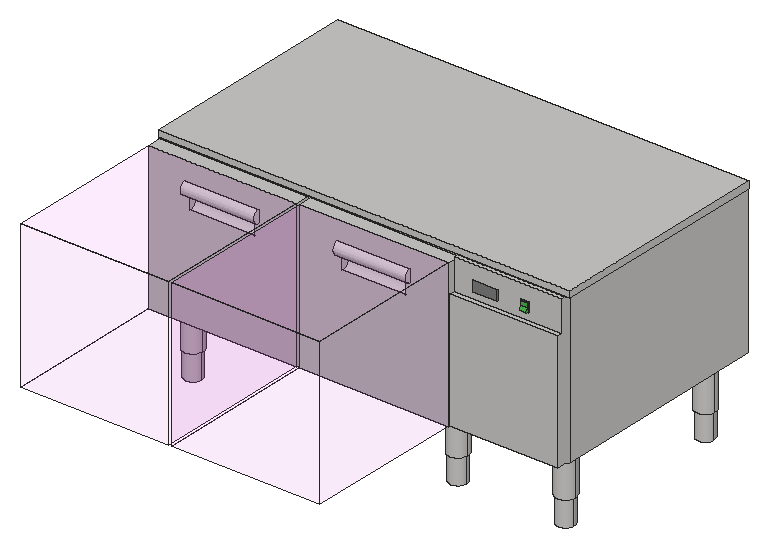
Revit family "QF_ZANUSSI_372294_Z7TTEECOMIN", category Specialty Equipment, Revit 2021
Family settings
  Round Connector Dimension = Use Diameter
  Part Type = Normal
  Work Plane-Based = No
  Always vertical = Yes
  Cut with Voids When Loaded = No
  Shared = No
  Room Calculation Point = No
Parameters (values of type "Standard")
  Weight = 95.00 kg
  Watts = 0 W
  Volts = 220 V
  URL Manufacturer = "http://www.zanussiprofessional.com"
  URL = "http://www.zanussiprofessional.com"
  Steam Supply Size = 0 mm
  Steam Supply Minimum Pressure = 0.0 Pa
  Steam Supply Maximum Pressure = 0.0 Pa
  Steam Pounds per Hour = 0
  Show Clearance [instance] = yes
  Refrigeration Suction Line Size = 0 mm
  Refrigeration Liquid Line Size = 0 mm
  Refrigerant Compressor Remote = yes
  Manufacturer = "Zanussi"
  Phase = 1
  Model = "Z7TTEECOMIN"
  Length Actual = 1200 mm
  Item Number = "372294"
  Hot Water Size = 0 mm
  Height Actual = 600 mm
  HP = "0.7 HP"
  Gas Size = 0 mm
  Gas KW = 0
  Gas Input Pressure = 0 W
  Direct Waste Size = 0 mm
  Description = "FREEZER BASE +2 DRAWERS -15°-20°C 1200MM - R290"
  Depth Actual = 700 mm
  Default Elevation = 0 mm
  Cycle = 50 Hz
  Condensate Return Size = 0 mm
  Compressed Air Volume = 0.0 L/s
  Compressed Air Size = 0 mm
  Compressed Air Pressure = 0.0 Pa
  Cold Water Size = 0 mm
  Accessory = no
Reference planes
  plane 1 "Center X": y = -65.55
  plane 2: z = 0
  plane 3 "Centro (Sinistra/Destra)": x = 0
  plane 4: y = -315.05
  plane 5: y = 194.95
  plane 6 "BACK": y = 282.95
  plane 7 "FRONT": y = -414.05
  plane 8: y = -881.83
  plane 9: x = -544
  plane 10: x = 544
  plane 11: y = -369.551
  plane 12: x = 230
  plane 13: z = 200
  plane 14 "TOP": z = 630
  plane 15 "LEFT": x = -600
  plane 16 "RIGHT": x = 600
Forms (mm)
  Extrusion 1, solid, material "QF_Finishes_Stainless Steel"
    sketch origin (-1022.223, -1524, 200) x (-1, 0, 0) y (0, -1, 0)
      loop
        line (-423.223, -1806.95) -> (-423.223, -1154.449) -> (-1621.223, -1154.449) -> (-1621.223, -1806.95) -> (-423.223, -1806.95)
    from 0 to 430
  Extrusion 2, solid, material "QF_Finishes_Stainless Steel"
    sketch origin (599, 0, 0) x (0, 1, 0) y (0, 0, 1)
      loop
        line (-369.551, 629.527) -> (-386.314, 640.994) -> (-397.65, 640.994) -> (-397.65, 549.796) -> (-414.05, 549.796) -> (-414.05, 204.796) -> (-384.714, 204.796) -> (-374.993, 200) -> (-369.551, 200) -> (-369.551, 629.527)
    from 0 to -313
  Extrusion 3, solid, material "QF_Finishes_Black"
    sketch origin (567.8, -397.65, 630.994) x (0, 0, -1) y (1, 0, 0)
      loop
        line (32.198, -86.899) -> (61.199, -86.899) -> (61.199, -64.9) -> (32.198, -64.9) -> (32.198, -86.899)
    from 0 to 1.6
  Extrusion 4, solid, material "QF_Finishes_Grey"
    sketch origin (589, -397.65, 630.994) x (0, 0, -1) y (1, 0, 0)
      loop
        line (32.198, -248.099) -> (61.199, -248.099) -> (61.199, -178.099) -> (32.198, -178.099) -> (32.198, -248.099)
    from 0 to 1.6
  Extrusion 5, solid, material "QF_Finishes_Green"
    sketch origin (502.9, -397.65, 598.796) x (0, 0, -1) y (0, 1, 0)
      loop
        line (2.279, -3.281) -> (14.5, -3.281) -> (25.308, -8.985)
        arc (25.308, -8.985) -> (26.537, -5.394) -> (26.605, -1.6) r 12.221
        line (26.605, -1.6) -> (2.395, -1.6)
        arc (2.395, -1.6) -> (2.308, -2.439) -> (2.279, -3.281) r 12.221
    from -20 to -2
  Extrusion 6, solid, material "QF_Finishes_Stainless Steel"
    sketch origin (-1022.223, -1524, 200) x (-1, 0, 0) y (0, -1, 0)
      loop
        circle (-1581.223, -1646.95) r 12
    from -10 to 0
  Extrusion 7, solid, material "QF_Finishes_Stainless Steel"
    sketch origin (-599, 0, -5) x (0, 1, 0) y (0, 0, 1)
      loop
        line (-369.551, 635) -> (282.95, 635) -> (282.95, 655) -> (-369.551, 655) -> (-369.551, 635)
    from 1198 to 0
  Extrusion 8, solid, material "QF_Finishes_Handrails and Railings"
    sketch origin (-394.028, -157.946, 1924.198) x (0, 0.885087, 0.465426) y (0, -0.465426, 0.885087)
      loop
        arc (-854.629, -1074.965) -> (-878.641, -1082.427) -> (-871.18, -1106.439) r 17.78
        line (-871.18, -1106.439) -> (-854.629, -1074.965)
    from -93.472 to 121.528
  Extrusion 9, solid, material "QF_Finishes_Stainless Steel"
    sketch origin (-594.053, 285.95, 14.715) x (0, 1, 0) y (0, 0, 1)
      loop
        line (-700, 486.991) -> (-660.001, 486.991) -> (-660.001, 530.285) -> (-678.147, 530.285) -> (-678.147, 511.464)
        arc (-678.147, 511.464) -> (-684.405, 495.059) -> (-700, 486.991) r 24.63
    from 118.753 to 309.354
  Extrusion 10, solid, material "QF_Finishes_Handrails and Railings"
    sketch origin (47.972, -157.946, 1924.198) x (0, 0.885087, 0.465426) y (0, -0.465426, 0.885087)
      loop
        arc (-854.629, -1074.965) -> (-878.641, -1082.427) -> (-871.18, -1106.439) r 17.78
        line (-871.18, -1106.439) -> (-854.629, -1074.965)
    from -89.472 to 121.528
  Extrusion 11, solid, material "QF_Finishes_Stainless Steel"
    sketch origin (-152.053, 285.95, 14.715) x (0, 1, 0) y (0, 0, 1)
      loop
        line (-700, 486.991) -> (-660.001, 486.991) -> (-660.001, 530.285) -> (-678.147, 530.285) -> (-678.147, 511.464)
        arc (-678.147, 511.464) -> (-684.405, 495.059) -> (-700, 486.991) r 24.63
    from 122.753 to 309.354
  Extrusion 12, solid, material "QF_Door-Drawer Clearances", visible <- "Show Clearance"
    sketch origin (200, -414.05, 0) x (1, 0, 0) y (0, 0, 1)
      loop
        line (-795, 629.2) -> (-795, 201.587) -> (-360.999, 201.587) -> (-360.999, 629.2) -> (-795, 629.2)
      loop
        line (-353, 629.2) -> (-353, 201.587) -> (81, 201.587) -> (81, 629.2) -> (-353, 629.2)
    from 0 to 467.78
  Extrusion 13, solid, material "QF_Finishes_Stainless Steel"
    sketch origin (0, -414.05, 0) x (-1, 0, 0) y (0, 0, 1)
      loop
        line (595, 629.2) -> (160.999, 629.2) -> (160.999, 201.587) -> (595, 201.587) -> (595, 629.2)
      loop
        line (153, 629.2) -> (-281, 629.2) -> (-281, 201.587) -> (153, 201.587) -> (153, 629.2)
      loop
        line (475.3, 501.706) -> (475.3, 545) -> (284.699, 545) -> (284.699, 501.706) -> (475.3, 501.706)
      loop
        line (29.3, 501.706) -> (29.3, 545) -> (-157.301, 545) -> (-157.301, 501.706) -> (29.3, 501.706)
    from 0 to 40
Lines and regions (mm)
  Split face 1
    outline origin (589, -399.25, 630.994) x (0, 0, -1) y (1, 0, 0)
      loop
        line (37.198, -238.099) -> (52.198, -238.099) -> (52.198, -188.099) -> (37.198, -188.099) -> (37.198, -238.099)
  Split face 2
    outline origin (589, -399.25, 630.994) x (0, 0, -1) y (1, 0, 0)
      loop
        line (59.151, -238.099) -> (59.151, -227.099) -> (54.151, -227.099) -> (54.151, -238.099) -> (59.151, -238.099)
  Split face 3
    outline origin (589, -399.25, 630.994) x (0, 0, -1) y (1, 0, 0)
      loop
        line (54.151, -225.099) -> (59.151, -225.099) -> (59.151, -214.099) -> (54.151, -214.099) -> (54.151, -225.099)
  Split face 4
    outline origin (602, -399.25, 630.994) x (0, 0, -1) y (1, 0, 0)
      loop
        line (54.151, -225.099) -> (59.151, -225.099) -> (59.151, -214.099) -> (54.151, -214.099) -> (54.151, -225.099)
  Split face 5
    outline origin (615, -399.25, 630.994) x (0, 0, -1) y (1, 0, 0)
      loop
        line (54.151, -225.099) -> (59.151, -225.099) -> (59.151, -214.099) -> (54.151, -214.099) -> (54.151, -225.099)
  Split face 6
    outline origin (296, -414.05, 713.499) x (1, 0, 0) y (0, 0, 1)
      loop
        arc (52.48, -282.599) -> (56.5, -278.61) -> (52.5, -274.599) r 4
        line (52.5, -274.599) -> (20.5, -274.599)
        arc (20.5, -274.599) -> (16.5, -278.61) -> (20.521, -282.599) r 4
        line (20.521, -282.599) -> (52.48, -282.599)
  Split face 7
    outline origin (296, -414.05, 725.499) x (1, 0, 0) y (0, 0, 1)
      loop
        arc (52.48, -282.599) -> (56.5, -278.61) -> (52.5, -274.599) r 4
        line (52.5, -274.599) -> (20.5, -274.599)
        arc (20.5, -274.599) -> (16.5, -278.61) -> (20.521, -282.599) r 4
        line (20.521, -282.599) -> (52.48, -282.599)
  Split face 8
    outline origin (296, -414.05, 737.499) x (1, 0, 0) y (0, 0, 1)
      loop
        arc (52.48, -282.599) -> (56.5, -278.61) -> (52.5, -274.599) r 4
        line (52.5, -274.599) -> (20.5, -274.599)
        arc (20.5, -274.599) -> (16.5, -278.61) -> (20.521, -282.599) r 4
        line (20.521, -282.599) -> (52.48, -282.599)
  Split face 9
    outline origin (296, -414.05, 749.396) x (1, 0, 0) y (0, 0, 1)
      loop
        arc (52.48, -282.599) -> (56.5, -278.61) -> (52.5, -274.599) r 4
        line (52.5, -274.599) -> (20.5, -274.599)
        arc (20.5, -274.599) -> (16.5, -278.61) -> (20.521, -282.599) r 4
        line (20.521, -282.599) -> (52.48, -282.599)
  Split face 10
    outline origin (296, -414.05, 761.395) x (1, 0, 0) y (0, 0, 1)
      loop
        arc (52.48, -282.599) -> (56.5, -278.61) -> (52.5, -274.599) r 4
        line (52.5, -274.599) -> (20.5, -274.599)
        arc (20.5, -274.599) -> (16.5, -278.61) -> (20.521, -282.599) r 4
        line (20.521, -282.599) -> (52.48, -282.599)
  Split face 11
    outline origin (296, -414.05, 773.395) x (1, 0, 0) y (0, 0, 1)
      loop
        arc (52.48, -282.599) -> (56.5, -278.61) -> (52.5, -274.599) r 4
        line (52.5, -274.599) -> (20.5, -274.599)
        arc (20.5, -274.599) -> (16.5, -278.61) -> (20.521, -282.599) r 4
        line (20.521, -282.599) -> (52.48, -282.599)
  Split face 12
    outline origin (296, -414.05, 785.395) x (1, 0, 0) y (0, 0, 1)
      loop
        arc (52.48, -282.599) -> (56.5, -278.61) -> (52.5, -274.599) r 4
        line (52.5, -274.599) -> (20.5, -274.599)
        arc (20.5, -274.599) -> (16.5, -278.61) -> (20.521, -282.599) r 4
        line (20.521, -282.599) -> (52.48, -282.599)
  Split face 13
    outline origin (296, -414.05, 797.395) x (1, 0, 0) y (0, 0, 1)
      loop
        arc (52.48, -282.599) -> (56.5, -278.61) -> (52.5, -274.599) r 4
        line (52.5, -274.599) -> (20.5, -274.599)
        arc (20.5, -274.599) -> (16.5, -278.61) -> (20.521, -282.599) r 4
        line (20.521, -282.599) -> (52.48, -282.599)
  Split face 14
    outline origin (296, -414.05, 809.395) x (1, 0, 0) y (0, 0, 1)
      loop
        arc (52.48, -282.599) -> (56.5, -278.61) -> (52.5, -274.599) r 4
        line (52.5, -274.599) -> (20.5, -274.599)
        arc (20.5, -274.599) -> (16.5, -278.61) -> (20.521, -282.599) r 4
        line (20.521, -282.599) -> (52.48, -282.599)
  Split face 15
    outline origin (296, -414.05, 701.499) x (1, 0, 0) y (0, 0, 1)
      loop
        arc (52.48, -282.599) -> (56.5, -278.61) -> (52.5, -274.599) r 4
        line (52.5, -274.599) -> (20.5, -274.599)
        arc (20.5, -274.599) -> (16.5, -278.61) -> (20.521, -282.599) r 4
        line (20.521, -282.599) -> (52.48, -282.599)
  Split face 16
    outline origin (296, -414.05, 605.603) x (1, 0, 0) y (0, 0, 1)
      loop
        arc (52.48, -282.599) -> (56.5, -278.61) -> (52.5, -274.599) r 4
        line (52.5, -274.599) -> (20.5, -274.599)
        arc (20.5, -274.599) -> (16.5, -278.61) -> (20.521, -282.599) r 4
        line (20.521, -282.599) -> (52.48, -282.599)
  Split face 17
    outline origin (296, -414.05, 617.603) x (1, 0, 0) y (0, 0, 1)
      loop
        arc (52.48, -282.599) -> (56.5, -278.61) -> (52.5, -274.599) r 4
        line (52.5, -274.599) -> (20.5, -274.599)
        arc (20.5, -274.599) -> (16.5, -278.61) -> (20.521, -282.599) r 4
        line (20.521, -282.599) -> (52.48, -282.599)
  Split face 18
    outline origin (296, -414.05, 629.602) x (1, 0, 0) y (0, 0, 1)
      loop
        arc (52.48, -282.599) -> (56.5, -278.61) -> (52.5, -274.599) r 4
        line (52.5, -274.599) -> (20.5, -274.599)
        arc (20.5, -274.599) -> (16.5, -278.61) -> (20.521, -282.599) r 4
        line (20.521, -282.599) -> (52.48, -282.599)
  Split face 19
    outline origin (296, -414.05, 677.499) x (1, 0, 0) y (0, 0, 1)
      loop
        arc (52.48, -282.599) -> (56.5, -278.61) -> (52.5, -274.599) r 4
        line (52.5, -274.599) -> (20.5, -274.599)
        arc (20.5, -274.599) -> (16.5, -278.61) -> (20.521, -282.599) r 4
        line (20.521, -282.599) -> (52.48, -282.599)
  Split face 20
    outline origin (296, -414.05, 689.499) x (1, 0, 0) y (0, 0, 1)
      loop
        arc (52.48, -282.599) -> (56.5, -278.61) -> (52.5, -274.599) r 4
        line (52.5, -274.599) -> (20.5, -274.599)
        arc (20.5, -274.599) -> (16.5, -278.61) -> (20.521, -282.599) r 4
        line (20.521, -282.599) -> (52.48, -282.599)
  Split face 21
    outline origin (296, -414.05, 593.603) x (1, 0, 0) y (0, 0, 1)
      loop
        arc (52.48, -282.599) -> (56.5, -278.61) -> (52.5, -274.599) r 4
        line (52.5, -274.599) -> (20.5, -274.599)
        arc (20.5, -274.599) -> (16.5, -278.61) -> (20.521, -282.599) r 4
        line (20.521, -282.599) -> (52.48, -282.599)
  Split face 22
    outline origin (296, -414.05, 497.707) x (1, 0, 0) y (0, 0, 1)
      loop
        arc (52.48, -282.599) -> (56.5, -278.61) -> (52.5, -274.599) r 4
        line (52.5, -274.599) -> (20.5, -274.599)
        arc (20.5, -274.599) -> (16.5, -278.61) -> (20.521, -282.599) r 4
        line (20.521, -282.599) -> (52.48, -282.599)
  Split face 23
    outline origin (296, -414.05, 509.707) x (1, 0, 0) y (0, 0, 1)
      loop
        arc (52.48, -282.599) -> (56.5, -278.61) -> (52.5, -274.599) r 4
        line (52.5, -274.599) -> (20.5, -274.599)
        arc (20.5, -274.599) -> (16.5, -278.61) -> (20.521, -282.599) r 4
        line (20.521, -282.599) -> (52.48, -282.599)
  Split face 24
    outline origin (296, -414.05, 521.706) x (1, 0, 0) y (0, 0, 1)
      loop
        arc (52.48, -282.599) -> (56.5, -278.61) -> (52.5, -274.599) r 4
        line (52.5, -274.599) -> (20.5, -274.599)
        arc (20.5, -274.599) -> (16.5, -278.61) -> (20.521, -282.599) r 4
        line (20.521, -282.599) -> (52.48, -282.599)
  Split face 25
    outline origin (296, -414.05, 533.604) x (1, 0, 0) y (0, 0, 1)
      loop
        arc (52.48, -282.599) -> (56.5, -278.61) -> (52.5, -274.599) r 4
        line (52.5, -274.599) -> (20.5, -274.599)
        arc (20.5, -274.599) -> (16.5, -278.61) -> (20.521, -282.599) r 4
        line (20.521, -282.599) -> (52.48, -282.599)
  Split face 26
    outline origin (296, -414.05, 545.603) x (1, 0, 0) y (0, 0, 1)
      loop
        arc (52.48, -282.599) -> (56.5, -278.61) -> (52.5, -274.599) r 4
        line (52.5, -274.599) -> (20.5, -274.599)
        arc (20.5, -274.599) -> (16.5, -278.61) -> (20.521, -282.599) r 4
        line (20.521, -282.599) -> (52.48, -282.599)
  Split face 27
    outline origin (296, -414.05, 557.603) x (1, 0, 0) y (0, 0, 1)
      loop
        arc (52.48, -282.599) -> (56.5, -278.61) -> (52.5, -274.599) r 4
        line (52.5, -274.599) -> (20.5, -274.599)
        arc (20.5, -274.599) -> (16.5, -278.61) -> (20.521, -282.599) r 4
        line (20.521, -282.599) -> (52.48, -282.599)
  Split face 28
    outline origin (296, -414.05, 569.603) x (1, 0, 0) y (0, 0, 1)
      loop
        arc (52.48, -282.599) -> (56.5, -278.61) -> (52.5, -274.599) r 4
        line (52.5, -274.599) -> (20.5, -274.599)
        arc (20.5, -274.599) -> (16.5, -278.61) -> (20.521, -282.599) r 4
        line (20.521, -282.599) -> (52.48, -282.599)
  Split face 29
    outline origin (296, -414.05, 581.603) x (1, 0, 0) y (0, 0, 1)
      loop
        arc (52.48, -282.599) -> (56.5, -278.61) -> (52.5, -274.599) r 4
        line (52.5, -274.599) -> (20.5, -274.599)
        arc (20.5, -274.599) -> (16.5, -278.61) -> (20.521, -282.599) r 4
        line (20.521, -282.599) -> (52.48, -282.599)
  Split face 30
    outline origin (351, -414.05, 713.499) x (1, 0, 0) y (0, 0, 1)
      loop
        arc (52.48, -282.599) -> (56.5, -278.61) -> (52.5, -274.599) r 4
        line (52.5, -274.599) -> (20.5, -274.599)
        arc (20.5, -274.599) -> (16.5, -278.61) -> (20.521, -282.599) r 4
        line (20.521, -282.599) -> (52.48, -282.599)
  Split face 31
    outline origin (351, -414.05, 725.499) x (1, 0, 0) y (0, 0, 1)
      loop
        arc (52.48, -282.599) -> (56.5, -278.61) -> (52.5, -274.599) r 4
        line (52.5, -274.599) -> (20.5, -274.599)
        arc (20.5, -274.599) -> (16.5, -278.61) -> (20.521, -282.599) r 4
        line (20.521, -282.599) -> (52.48, -282.599)
  Split face 32
    outline origin (351, -414.05, 737.499) x (1, 0, 0) y (0, 0, 1)
      loop
        arc (52.48, -282.599) -> (56.5, -278.61) -> (52.5, -274.599) r 4
        line (52.5, -274.599) -> (20.5, -274.599)
        arc (20.5, -274.599) -> (16.5, -278.61) -> (20.521, -282.599) r 4
        line (20.521, -282.599) -> (52.48, -282.599)
  Split face 33
    outline origin (351, -414.05, 749.396) x (1, 0, 0) y (0, 0, 1)
      loop
        arc (52.48, -282.599) -> (56.5, -278.61) -> (52.5, -274.599) r 4
        line (52.5, -274.599) -> (20.5, -274.599)
        arc (20.5, -274.599) -> (16.5, -278.61) -> (20.521, -282.599) r 4
        line (20.521, -282.599) -> (52.48, -282.599)
  Split face 34
    outline origin (351, -414.05, 761.395) x (1, 0, 0) y (0, 0, 1)
      loop
        arc (52.48, -282.599) -> (56.5, -278.61) -> (52.5, -274.599) r 4
        line (52.5, -274.599) -> (20.5, -274.599)
        arc (20.5, -274.599) -> (16.5, -278.61) -> (20.521, -282.599) r 4
        line (20.521, -282.599) -> (52.48, -282.599)
  Split face 35
    outline origin (351, -414.05, 773.395) x (1, 0, 0) y (0, 0, 1)
      loop
        arc (52.48, -282.599) -> (56.5, -278.61) -> (52.5, -274.599) r 4
        line (52.5, -274.599) -> (20.5, -274.599)
        arc (20.5, -274.599) -> (16.5, -278.61) -> (20.521, -282.599) r 4
        line (20.521, -282.599) -> (52.48, -282.599)
  Split face 36
    outline origin (351, -414.05, 785.395) x (1, 0, 0) y (0, 0, 1)
      loop
        arc (52.48, -282.599) -> (56.5, -278.61) -> (52.5, -274.599) r 4
        line (52.5, -274.599) -> (20.5, -274.599)
        arc (20.5, -274.599) -> (16.5, -278.61) -> (20.521, -282.599) r 4
        line (20.521, -282.599) -> (52.48, -282.599)
  Split face 37
    outline origin (351, -414.05, 797.395) x (1, 0, 0) y (0, 0, 1)
      loop
        arc (52.48, -282.599) -> (56.5, -278.61) -> (52.5, -274.599) r 4
        line (52.5, -274.599) -> (20.5, -274.599)
        arc (20.5, -274.599) -> (16.5, -278.61) -> (20.521, -282.599) r 4
        line (20.521, -282.599) -> (52.48, -282.599)
  Split face 38
    outline origin (351, -414.05, 809.395) x (1, 0, 0) y (0, 0, 1)
      loop
        arc (52.48, -282.599) -> (56.5, -278.61) -> (52.5, -274.599) r 4
        line (52.5, -274.599) -> (20.5, -274.599)
        arc (20.5, -274.599) -> (16.5, -278.61) -> (20.521, -282.599) r 4
        line (20.521, -282.599) -> (52.48, -282.599)
  Split face 39
    outline origin (351, -414.05, 701.499) x (1, 0, 0) y (0, 0, 1)
      loop
        arc (52.48, -282.599) -> (56.5, -278.61) -> (52.5, -274.599) r 4
        line (52.5, -274.599) -> (20.5, -274.599)
        arc (20.5, -274.599) -> (16.5, -278.61) -> (20.521, -282.599) r 4
        line (20.521, -282.599) -> (52.48, -282.599)
  Split face 40
    outline origin (351, -414.05, 605.603) x (1, 0, 0) y (0, 0, 1)
      loop
        arc (52.48, -282.599) -> (56.5, -278.61) -> (52.5, -274.599) r 4
        line (52.5, -274.599) -> (20.5, -274.599)
        arc (20.5, -274.599) -> (16.5, -278.61) -> (20.521, -282.599) r 4
        line (20.521, -282.599) -> (52.48, -282.599)
  Split face 41
    outline origin (351, -414.05, 617.603) x (1, 0, 0) y (0, 0, 1)
      loop
        arc (52.48, -282.599) -> (56.5, -278.61) -> (52.5, -274.599) r 4
        line (52.5, -274.599) -> (20.5, -274.599)
        arc (20.5, -274.599) -> (16.5, -278.61) -> (20.521, -282.599) r 4
        line (20.521, -282.599) -> (52.48, -282.599)
  Split face 42
    outline origin (351, -414.05, 629.602) x (1, 0, 0) y (0, 0, 1)
      loop
        arc (52.48, -282.599) -> (56.5, -278.61) -> (52.5, -274.599) r 4
        line (52.5, -274.599) -> (20.5, -274.599)
        arc (20.5, -274.599) -> (16.5, -278.61) -> (20.521, -282.599) r 4
        line (20.521, -282.599) -> (52.48, -282.599)
  Split face 43
    outline origin (351, -414.05, 677.499) x (1, 0, 0) y (0, 0, 1)
      loop
        arc (52.48, -282.599) -> (56.5, -278.61) -> (52.5, -274.599) r 4
        line (52.5, -274.599) -> (20.5, -274.599)
        arc (20.5, -274.599) -> (16.5, -278.61) -> (20.521, -282.599) r 4
        line (20.521, -282.599) -> (52.48, -282.599)
  Split face 44
    outline origin (351, -414.05, 689.499) x (1, 0, 0) y (0, 0, 1)
      loop
        arc (52.48, -282.599) -> (56.5, -278.61) -> (52.5, -274.599) r 4
        line (52.5, -274.599) -> (20.5, -274.599)
        arc (20.5, -274.599) -> (16.5, -278.61) -> (20.521, -282.599) r 4
        line (20.521, -282.599) -> (52.48, -282.599)
  Split face 45
    outline origin (351, -414.05, 593.603) x (1, 0, 0) y (0, 0, 1)
      loop
        arc (52.48, -282.599) -> (56.5, -278.61) -> (52.5, -274.599) r 4
        line (52.5, -274.599) -> (20.5, -274.599)
        arc (20.5, -274.599) -> (16.5, -278.61) -> (20.521, -282.599) r 4
        line (20.521, -282.599) -> (52.48, -282.599)
  Split face 46
    outline origin (351, -414.05, 497.707) x (1, 0, 0) y (0, 0, 1)
      loop
        arc (52.48, -282.599) -> (56.5, -278.61) -> (52.5, -274.599) r 4
        line (52.5, -274.599) -> (20.5, -274.599)
        arc (20.5, -274.599) -> (16.5, -278.61) -> (20.521, -282.599) r 4
        line (20.521, -282.599) -> (52.48, -282.599)
  Split face 47
    outline origin (351, -414.05, 509.707) x (1, 0, 0) y (0, 0, 1)
      loop
        arc (52.48, -282.599) -> (56.5, -278.61) -> (52.5, -274.599) r 4
        line (52.5, -274.599) -> (20.5, -274.599)
        arc (20.5, -274.599) -> (16.5, -278.61) -> (20.521, -282.599) r 4
        line (20.521, -282.599) -> (52.48, -282.599)
  Split face 48
    outline origin (351, -414.05, 521.706) x (1, 0, 0) y (0, 0, 1)
      loop
        arc (52.48, -282.599) -> (56.5, -278.61) -> (52.5, -274.599) r 4
        line (52.5, -274.599) -> (20.5, -274.599)
        arc (20.5, -274.599) -> (16.5, -278.61) -> (20.521, -282.599) r 4
        line (20.521, -282.599) -> (52.48, -282.599)
  Split face 49
    outline origin (351, -414.05, 533.604) x (1, 0, 0) y (0, 0, 1)
      loop
        arc (52.48, -282.599) -> (56.5, -278.61) -> (52.5, -274.599) r 4
        line (52.5, -274.599) -> (20.5, -274.599)
        arc (20.5, -274.599) -> (16.5, -278.61) -> (20.521, -282.599) r 4
        line (20.521, -282.599) -> (52.48, -282.599)
  Split face 50
    outline origin (351, -414.05, 545.603) x (1, 0, 0) y (0, 0, 1)
      loop
        arc (52.48, -282.599) -> (56.5, -278.61) -> (52.5, -274.599) r 4
        line (52.5, -274.599) -> (20.5, -274.599)
        arc (20.5, -274.599) -> (16.5, -278.61) -> (20.521, -282.599) r 4
        line (20.521, -282.599) -> (52.48, -282.599)
  Split face 51
    outline origin (351, -414.05, 557.603) x (1, 0, 0) y (0, 0, 1)
      loop
        arc (52.48, -282.599) -> (56.5, -278.61) -> (52.5, -274.599) r 4
        line (52.5, -274.599) -> (20.5, -274.599)
        arc (20.5, -274.599) -> (16.5, -278.61) -> (20.521, -282.599) r 4
        line (20.521, -282.599) -> (52.48, -282.599)
  Split face 52
    outline origin (351, -414.05, 569.603) x (1, 0, 0) y (0, 0, 1)
      loop
        arc (52.48, -282.599) -> (56.5, -278.61) -> (52.5, -274.599) r 4
        line (52.5, -274.599) -> (20.5, -274.599)
        arc (20.5, -274.599) -> (16.5, -278.61) -> (20.521, -282.599) r 4
        line (20.521, -282.599) -> (52.48, -282.599)
  Split face 53
    outline origin (351, -414.05, 581.603) x (1, 0, 0) y (0, 0, 1)
      loop
        arc (52.48, -282.599) -> (56.5, -278.61) -> (52.5, -274.599) r 4
        line (52.5, -274.599) -> (20.5, -274.599)
        arc (20.5, -274.599) -> (16.5, -278.61) -> (20.521, -282.599) r 4
        line (20.521, -282.599) -> (52.48, -282.599)
  Split face 54
    outline origin (406, -414.05, 713.499) x (1, 0, 0) y (0, 0, 1)
      loop
        arc (52.48, -282.599) -> (56.5, -278.61) -> (52.5, -274.599) r 4
        line (52.5, -274.599) -> (20.5, -274.599)
        arc (20.5, -274.599) -> (16.5, -278.61) -> (20.521, -282.599) r 4
        line (20.521, -282.599) -> (52.48, -282.599)
  Split face 55
    outline origin (406, -414.05, 725.499) x (1, 0, 0) y (0, 0, 1)
      loop
        arc (52.48, -282.599) -> (56.5, -278.61) -> (52.5, -274.599) r 4
        line (52.5, -274.599) -> (20.5, -274.599)
        arc (20.5, -274.599) -> (16.5, -278.61) -> (20.521, -282.599) r 4
        line (20.521, -282.599) -> (52.48, -282.599)
  Split face 56
    outline origin (406, -414.05, 737.499) x (1, 0, 0) y (0, 0, 1)
      loop
        arc (52.48, -282.599) -> (56.5, -278.61) -> (52.5, -274.599) r 4
        line (52.5, -274.599) -> (20.5, -274.599)
        arc (20.5, -274.599) -> (16.5, -278.61) -> (20.521, -282.599) r 4
        line (20.521, -282.599) -> (52.48, -282.599)
  Split face 57
    outline origin (406, -414.05, 749.396) x (1, 0, 0) y (0, 0, 1)
      loop
        arc (52.48, -282.599) -> (56.5, -278.61) -> (52.5, -274.599) r 4
        line (52.5, -274.599) -> (20.5, -274.599)
        arc (20.5, -274.599) -> (16.5, -278.61) -> (20.521, -282.599) r 4
        line (20.521, -282.599) -> (52.48, -282.599)
  Split face 58
    outline origin (406, -414.05, 761.395) x (1, 0, 0) y (0, 0, 1)
      loop
        arc (52.48, -282.599) -> (56.5, -278.61) -> (52.5, -274.599) r 4
        line (52.5, -274.599) -> (20.5, -274.599)
        arc (20.5, -274.599) -> (16.5, -278.61) -> (20.521, -282.599) r 4
        line (20.521, -282.599) -> (52.48, -282.599)
  Split face 59
    outline origin (406, -414.05, 773.395) x (1, 0, 0) y (0, 0, 1)
      loop
        arc (52.48, -282.599) -> (56.5, -278.61) -> (52.5, -274.599) r 4
        line (52.5, -274.599) -> (20.5, -274.599)
        arc (20.5, -274.599) -> (16.5, -278.61) -> (20.521, -282.599) r 4
        line (20.521, -282.599) -> (52.48, -282.599)
  Split face 60
    outline origin (406, -414.05, 785.395) x (1, 0, 0) y (0, 0, 1)
      loop
        arc (52.48, -282.599) -> (56.5, -278.61) -> (52.5, -274.599) r 4
        line (52.5, -274.599) -> (20.5, -274.599)
        arc (20.5, -274.599) -> (16.5, -278.61) -> (20.521, -282.599) r 4
        line (20.521, -282.599) -> (52.48, -282.599)
  Split face 61
    outline origin (406, -414.05, 797.395) x (1, 0, 0) y (0, 0, 1)
      loop
        arc (52.48, -282.599) -> (56.5, -278.61) -> (52.5, -274.599) r 4
        line (52.5, -274.599) -> (20.5, -274.599)
        arc (20.5, -274.599) -> (16.5, -278.61) -> (20.521, -282.599) r 4
        line (20.521, -282.599) -> (52.48, -282.599)
  Split face 62
    outline origin (406, -414.05, 809.395) x (1, 0, 0) y (0, 0, 1)
      loop
        arc (52.48, -282.599) -> (56.5, -278.61) -> (52.5, -274.599) r 4
        line (52.5, -274.599) -> (20.5, -274.599)
        arc (20.5, -274.599) -> (16.5, -278.61) -> (20.521, -282.599) r 4
        line (20.521, -282.599) -> (52.48, -282.599)
  Split face 63
    outline origin (406, -414.05, 701.499) x (1, 0, 0) y (0, 0, 1)
      loop
        arc (52.48, -282.599) -> (56.5, -278.61) -> (52.5, -274.599) r 4
        line (52.5, -274.599) -> (20.5, -274.599)
        arc (20.5, -274.599) -> (16.5, -278.61) -> (20.521, -282.599) r 4
        line (20.521, -282.599) -> (52.48, -282.599)
  Split face 64
    outline origin (406, -414.05, 605.603) x (1, 0, 0) y (0, 0, 1)
      loop
        arc (52.48, -282.599) -> (56.5, -278.61) -> (52.5, -274.599) r 4
        line (52.5, -274.599) -> (20.5, -274.599)
        arc (20.5, -274.599) -> (16.5, -278.61) -> (20.521, -282.599) r 4
        line (20.521, -282.599) -> (52.48, -282.599)
  Split face 65
    outline origin (406, -414.05, 617.603) x (1, 0, 0) y (0, 0, 1)
      loop
        arc (52.48, -282.599) -> (56.5, -278.61) -> (52.5, -274.599) r 4
        line (52.5, -274.599) -> (20.5, -274.599)
        arc (20.5, -274.599) -> (16.5, -278.61) -> (20.521, -282.599) r 4
        line (20.521, -282.599) -> (52.48, -282.599)
  Split face 66
    outline origin (406, -414.05, 629.602) x (1, 0, 0) y (0, 0, 1)
      loop
        arc (52.48, -282.599) -> (56.5, -278.61) -> (52.5, -274.599) r 4
        line (52.5, -274.599) -> (20.5, -274.599)
        arc (20.5, -274.599) -> (16.5, -278.61) -> (20.521, -282.599) r 4
        line (20.521, -282.599) -> (52.48, -282.599)
  Split face 67
    outline origin (406, -414.05, 677.499) x (1, 0, 0) y (0, 0, 1)
      loop
        arc (52.48, -282.599) -> (56.5, -278.61) -> (52.5, -274.599) r 4
        line (52.5, -274.599) -> (20.5, -274.599)
        arc (20.5, -274.599) -> (16.5, -278.61) -> (20.521, -282.599) r 4
        line (20.521, -282.599) -> (52.48, -282.599)
  Split face 68
    outline origin (406, -414.05, 689.499) x (1, 0, 0) y (0, 0, 1)
      loop
        arc (52.48, -282.599) -> (56.5, -278.61) -> (52.5, -274.599) r 4
        line (52.5, -274.599) -> (20.5, -274.599)
        arc (20.5, -274.599) -> (16.5, -278.61) -> (20.521, -282.599) r 4
        line (20.521, -282.599) -> (52.48, -282.599)
  Split face 69
    outline origin (406, -414.05, 593.603) x (1, 0, 0) y (0, 0, 1)
      loop
        arc (52.48, -282.599) -> (56.5, -278.61) -> (52.5, -274.599) r 4
        line (52.5, -274.599) -> (20.5, -274.599)
        arc (20.5, -274.599) -> (16.5, -278.61) -> (20.521, -282.599) r 4
        line (20.521, -282.599) -> (52.48, -282.599)
  Split face 70
    outline origin (406, -414.05, 497.707) x (1, 0, 0) y (0, 0, 1)
      loop
        arc (52.48, -282.599) -> (56.5, -278.61) -> (52.5, -274.599) r 4
        line (52.5, -274.599) -> (20.5, -274.599)
        arc (20.5, -274.599) -> (16.5, -278.61) -> (20.521, -282.599) r 4
        line (20.521, -282.599) -> (52.48, -282.599)
  Split face 71
    outline origin (406, -414.05, 509.707) x (1, 0, 0) y (0, 0, 1)
      loop
        arc (52.48, -282.599) -> (56.5, -278.61) -> (52.5, -274.599) r 4
        line (52.5, -274.599) -> (20.5, -274.599)
        arc (20.5, -274.599) -> (16.5, -278.61) -> (20.521, -282.599) r 4
        line (20.521, -282.599) -> (52.48, -282.599)
  Split face 72
    outline origin (406, -414.05, 521.706) x (1, 0, 0) y (0, 0, 1)
      loop
        arc (52.48, -282.599) -> (56.5, -278.61) -> (52.5, -274.599) r 4
        line (52.5, -274.599) -> (20.5, -274.599)
        arc (20.5, -274.599) -> (16.5, -278.61) -> (20.521, -282.599) r 4
        line (20.521, -282.599) -> (52.48, -282.599)
  Split face 73
    outline origin (406, -414.05, 533.604) x (1, 0, 0) y (0, 0, 1)
      loop
        arc (52.48, -282.599) -> (56.5, -278.61) -> (52.5, -274.599) r 4
        line (52.5, -274.599) -> (20.5, -274.599)
        arc (20.5, -274.599) -> (16.5, -278.61) -> (20.521, -282.599) r 4
        line (20.521, -282.599) -> (52.48, -282.599)
  Split face 74
    outline origin (406, -414.05, 545.603) x (1, 0, 0) y (0, 0, 1)
      loop
        arc (52.48, -282.599) -> (56.5, -278.61) -> (52.5, -274.599) r 4
        line (52.5, -274.599) -> (20.5, -274.599)
        arc (20.5, -274.599) -> (16.5, -278.61) -> (20.521, -282.599) r 4
        line (20.521, -282.599) -> (52.48, -282.599)
  Split face 75
    outline origin (406, -414.05, 557.603) x (1, 0, 0) y (0, 0, 1)
      loop
        arc (52.48, -282.599) -> (56.5, -278.61) -> (52.5, -274.599) r 4
        line (52.5, -274.599) -> (20.5, -274.599)
        arc (20.5, -274.599) -> (16.5, -278.61) -> (20.521, -282.599) r 4
        line (20.521, -282.599) -> (52.48, -282.599)
  Split face 76
    outline origin (406, -414.05, 569.603) x (1, 0, 0) y (0, 0, 1)
      loop
        arc (52.48, -282.599) -> (56.5, -278.61) -> (52.5, -274.599) r 4
        line (52.5, -274.599) -> (20.5, -274.599)
        arc (20.5, -274.599) -> (16.5, -278.61) -> (20.521, -282.599) r 4
        line (20.521, -282.599) -> (52.48, -282.599)
  Split face 77
    outline origin (406, -414.05, 581.603) x (1, 0, 0) y (0, 0, 1)
      loop
        arc (52.48, -282.599) -> (56.5, -278.61) -> (52.5, -274.599) r 4
        line (52.5, -274.599) -> (20.5, -274.599)
        arc (20.5, -274.599) -> (16.5, -278.61) -> (20.521, -282.599) r 4
        line (20.521, -282.599) -> (52.48, -282.599)
  Split face 78
    outline origin (461, -414.05, 713.499) x (1, 0, 0) y (0, 0, 1)
      loop
        arc (52.48, -282.599) -> (56.5, -278.61) -> (52.5, -274.599) r 4
        line (52.5, -274.599) -> (20.5, -274.599)
        arc (20.5, -274.599) -> (16.5, -278.61) -> (20.521, -282.599) r 4
        line (20.521, -282.599) -> (52.48, -282.599)
  Split face 79
    outline origin (461, -414.05, 725.499) x (1, 0, 0) y (0, 0, 1)
      loop
        arc (52.48, -282.599) -> (56.5, -278.61) -> (52.5, -274.599) r 4
        line (52.5, -274.599) -> (20.5, -274.599)
        arc (20.5, -274.599) -> (16.5, -278.61) -> (20.521, -282.599) r 4
        line (20.521, -282.599) -> (52.48, -282.599)
  Split face 80
    outline origin (461, -414.05, 737.499) x (1, 0, 0) y (0, 0, 1)
      loop
        arc (52.48, -282.599) -> (56.5, -278.61) -> (52.5, -274.599) r 4
        line (52.5, -274.599) -> (20.5, -274.599)
        arc (20.5, -274.599) -> (16.5, -278.61) -> (20.521, -282.599) r 4
        line (20.521, -282.599) -> (52.48, -282.599)
  Split face 81
    outline origin (461, -414.05, 749.396) x (1, 0, 0) y (0, 0, 1)
      loop
        arc (52.48, -282.599) -> (56.5, -278.61) -> (52.5, -274.599) r 4
        line (52.5, -274.599) -> (20.5, -274.599)
        arc (20.5, -274.599) -> (16.5, -278.61) -> (20.521, -282.599) r 4
        line (20.521, -282.599) -> (52.48, -282.599)
  Split face 82
    outline origin (461, -414.05, 761.395) x (1, 0, 0) y (0, 0, 1)
      loop
        arc (52.48, -282.599) -> (56.5, -278.61) -> (52.5, -274.599) r 4
        line (52.5, -274.599) -> (20.5, -274.599)
        arc (20.5, -274.599) -> (16.5, -278.61) -> (20.521, -282.599) r 4
        line (20.521, -282.599) -> (52.48, -282.599)
  Split face 83
    outline origin (461, -414.05, 773.395) x (1, 0, 0) y (0, 0, 1)
      loop
        arc (52.48, -282.599) -> (56.5, -278.61) -> (52.5, -274.599) r 4
        line (52.5, -274.599) -> (20.5, -274.599)
        arc (20.5, -274.599) -> (16.5, -278.61) -> (20.521, -282.599) r 4
        line (20.521, -282.599) -> (52.48, -282.599)
  Split face 84
    outline origin (461, -414.05, 785.395) x (1, 0, 0) y (0, 0, 1)
      loop
        arc (52.48, -282.599) -> (56.5, -278.61) -> (52.5, -274.599) r 4
        line (52.5, -274.599) -> (20.5, -274.599)
        arc (20.5, -274.599) -> (16.5, -278.61) -> (20.521, -282.599) r 4
        line (20.521, -282.599) -> (52.48, -282.599)
  Split face 85
    outline origin (461, -414.05, 797.395) x (1, 0, 0) y (0, 0, 1)
      loop
        arc (52.48, -282.599) -> (56.5, -278.61) -> (52.5, -274.599) r 4
        line (52.5, -274.599) -> (20.5, -274.599)
        arc (20.5, -274.599) -> (16.5, -278.61) -> (20.521, -282.599) r 4
        line (20.521, -282.599) -> (52.48, -282.599)
  Split face 86
    outline origin (461, -414.05, 809.395) x (1, 0, 0) y (0, 0, 1)
      loop
        arc (52.48, -282.599) -> (56.5, -278.61) -> (52.5, -274.599) r 4
        line (52.5, -274.599) -> (20.5, -274.599)
        arc (20.5, -274.599) -> (16.5, -278.61) -> (20.521, -282.599) r 4
        line (20.521, -282.599) -> (52.48, -282.599)
  Split face 87
    outline origin (461, -414.05, 701.499) x (1, 0, 0) y (0, 0, 1)
      loop
        arc (52.48, -282.599) -> (56.5, -278.61) -> (52.5, -274.599) r 4
        line (52.5, -274.599) -> (20.5, -274.599)
        arc (20.5, -274.599) -> (16.5, -278.61) -> (20.521, -282.599) r 4
        line (20.521, -282.599) -> (52.48, -282.599)
  Split face 88
    outline origin (461, -414.05, 605.603) x (1, 0, 0) y (0, 0, 1)
      loop
        arc (52.48, -282.599) -> (56.5, -278.61) -> (52.5, -274.599) r 4
        line (52.5, -274.599) -> (20.5, -274.599)
        arc (20.5, -274.599) -> (16.5, -278.61) -> (20.521, -282.599) r 4
        line (20.521, -282.599) -> (52.48, -282.599)
  Split face 89
    outline origin (461, -414.05, 617.603) x (1, 0, 0) y (0, 0, 1)
      loop
        arc (52.48, -282.599) -> (56.5, -278.61) -> (52.5, -274.599) r 4
        line (52.5, -274.599) -> (20.5, -274.599)
        arc (20.5, -274.599) -> (16.5, -278.61) -> (20.521, -282.599) r 4
        line (20.521, -282.599) -> (52.48, -282.599)
  Split face 90
    outline origin (461, -414.05, 629.602) x (1, 0, 0) y (0, 0, 1)
      loop
        arc (52.48, -282.599) -> (56.5, -278.61) -> (52.5, -274.599) r 4
        line (52.5, -274.599) -> (20.5, -274.599)
        arc (20.5, -274.599) -> (16.5, -278.61) -> (20.521, -282.599) r 4
        line (20.521, -282.599) -> (52.48, -282.599)
  Split face 91
    outline origin (461, -414.05, 677.499) x (1, 0, 0) y (0, 0, 1)
      loop
        arc (52.48, -282.599) -> (56.5, -278.61) -> (52.5, -274.599) r 4
        line (52.5, -274.599) -> (20.5, -274.599)
        arc (20.5, -274.599) -> (16.5, -278.61) -> (20.521, -282.599) r 4
        line (20.521, -282.599) -> (52.48, -282.599)
  Split face 92
    outline origin (461, -414.05, 689.499) x (1, 0, 0) y (0, 0, 1)
      loop
        arc (52.48, -282.599) -> (56.5, -278.61) -> (52.5, -274.599) r 4
        line (52.5, -274.599) -> (20.5, -274.599)
        arc (20.5, -274.599) -> (16.5, -278.61) -> (20.521, -282.599) r 4
        line (20.521, -282.599) -> (52.48, -282.599)
  Split face 93
    outline origin (461, -414.05, 593.603) x (1, 0, 0) y (0, 0, 1)
      loop
        arc (52.48, -282.599) -> (56.5, -278.61) -> (52.5, -274.599) r 4
        line (52.5, -274.599) -> (20.5, -274.599)
        arc (20.5, -274.599) -> (16.5, -278.61) -> (20.521, -282.599) r 4
        line (20.521, -282.599) -> (52.48, -282.599)
  Split face 94
    outline origin (461, -414.05, 497.707) x (1, 0, 0) y (0, 0, 1)
      loop
        arc (52.48, -282.599) -> (56.5, -278.61) -> (52.5, -274.599) r 4
        line (52.5, -274.599) -> (20.5, -274.599)
        arc (20.5, -274.599) -> (16.5, -278.61) -> (20.521, -282.599) r 4
        line (20.521, -282.599) -> (52.48, -282.599)
  Split face 95
    outline origin (461, -414.05, 509.707) x (1, 0, 0) y (0, 0, 1)
      loop
        arc (52.48, -282.599) -> (56.5, -278.61) -> (52.5, -274.599) r 4
        line (52.5, -274.599) -> (20.5, -274.599)
        arc (20.5, -274.599) -> (16.5, -278.61) -> (20.521, -282.599) r 4
        line (20.521, -282.599) -> (52.48, -282.599)
  Split face 96
    outline origin (461, -414.05, 521.706) x (1, 0, 0) y (0, 0, 1)
      loop
        arc (52.48, -282.599) -> (56.5, -278.61) -> (52.5, -274.599) r 4
        line (52.5, -274.599) -> (20.5, -274.599)
        arc (20.5, -274.599) -> (16.5, -278.61) -> (20.521, -282.599) r 4
        line (20.521, -282.599) -> (52.48, -282.599)
  Split face 97
    outline origin (461, -414.05, 533.604) x (1, 0, 0) y (0, 0, 1)
      loop
        arc (52.48, -282.599) -> (56.5, -278.61) -> (52.5, -274.599) r 4
        line (52.5, -274.599) -> (20.5, -274.599)
        arc (20.5, -274.599) -> (16.5, -278.61) -> (20.521, -282.599) r 4
        line (20.521, -282.599) -> (52.48, -282.599)
  Split face 98
    outline origin (461, -414.05, 545.603) x (1, 0, 0) y (0, 0, 1)
      loop
        arc (52.48, -282.599) -> (56.5, -278.61) -> (52.5, -274.599) r 4
        line (52.5, -274.599) -> (20.5, -274.599)
        arc (20.5, -274.599) -> (16.5, -278.61) -> (20.521, -282.599) r 4
        line (20.521, -282.599) -> (52.48, -282.599)
  Split face 99
    outline origin (461, -414.05, 557.603) x (1, 0, 0) y (0, 0, 1)
      loop
        arc (52.48, -282.599) -> (56.5, -278.61) -> (52.5, -274.599) r 4
        line (52.5, -274.599) -> (20.5, -274.599)
        arc (20.5, -274.599) -> (16.5, -278.61) -> (20.521, -282.599) r 4
        line (20.521, -282.599) -> (52.48, -282.599)
  Split face 100
    outline origin (461, -414.05, 569.603) x (1, 0, 0) y (0, 0, 1)
      loop
        arc (52.48, -282.599) -> (56.5, -278.61) -> (52.5, -274.599) r 4
        line (52.5, -274.599) -> (20.5, -274.599)
        arc (20.5, -274.599) -> (16.5, -278.61) -> (20.521, -282.599) r 4
        line (20.521, -282.599) -> (52.48, -282.599)
  Split face 101
    outline origin (461, -414.05, 581.603) x (1, 0, 0) y (0, 0, 1)
      loop
        arc (52.48, -282.599) -> (56.5, -278.61) -> (52.5, -274.599) r 4
        line (52.5, -274.599) -> (20.5, -274.599)
        arc (20.5, -274.599) -> (16.5, -278.61) -> (20.521, -282.599) r 4
        line (20.521, -282.599) -> (52.48, -282.599)
  Split face 102
    outline origin (516, -414.05, 713.499) x (1, 0, 0) y (0, 0, 1)
      loop
        arc (52.48, -282.599) -> (56.5, -278.61) -> (52.5, -274.599) r 4
        line (52.5, -274.599) -> (20.5, -274.599)
        arc (20.5, -274.599) -> (16.5, -278.61) -> (20.521, -282.599) r 4
        line (20.521, -282.599) -> (52.48, -282.599)
  Split face 103
    outline origin (516, -414.05, 725.499) x (1, 0, 0) y (0, 0, 1)
      loop
        arc (52.48, -282.599) -> (56.5, -278.61) -> (52.5, -274.599) r 4
        line (52.5, -274.599) -> (20.5, -274.599)
        arc (20.5, -274.599) -> (16.5, -278.61) -> (20.521, -282.599) r 4
        line (20.521, -282.599) -> (52.48, -282.599)
  Split face 104
    outline origin (516, -414.05, 737.499) x (1, 0, 0) y (0, 0, 1)
      loop
        arc (52.48, -282.599) -> (56.5, -278.61) -> (52.5, -274.599) r 4
        line (52.5, -274.599) -> (20.5, -274.599)
        arc (20.5, -274.599) -> (16.5, -278.61) -> (20.521, -282.599) r 4
        line (20.521, -282.599) -> (52.48, -282.599)
  Split face 105
    outline origin (516, -414.05, 749.396) x (1, 0, 0) y (0, 0, 1)
      loop
        arc (52.48, -282.599) -> (56.5, -278.61) -> (52.5, -274.599) r 4
        line (52.5, -274.599) -> (20.5, -274.599)
        arc (20.5, -274.599) -> (16.5, -278.61) -> (20.521, -282.599) r 4
        line (20.521, -282.599) -> (52.48, -282.599)
  Split face 106
    outline origin (516, -414.05, 761.395) x (1, 0, 0) y (0, 0, 1)
      loop
        arc (52.48, -282.599) -> (56.5, -278.61) -> (52.5, -274.599) r 4
        line (52.5, -274.599) -> (20.5, -274.599)
        arc (20.5, -274.599) -> (16.5, -278.61) -> (20.521, -282.599) r 4
        line (20.521, -282.599) -> (52.48, -282.599)
  Split face 107
    outline origin (516, -414.05, 773.395) x (1, 0, 0) y (0, 0, 1)
      loop
        arc (52.48, -282.599) -> (56.5, -278.61) -> (52.5, -274.599) r 4
        line (52.5, -274.599) -> (20.5, -274.599)
        arc (20.5, -274.599) -> (16.5, -278.61) -> (20.521, -282.599) r 4
        line (20.521, -282.599) -> (52.48, -282.599)
  Split face 108
    outline origin (516, -414.05, 785.395) x (1, 0, 0) y (0, 0, 1)
      loop
        arc (52.48, -282.599) -> (56.5, -278.61) -> (52.5, -274.599) r 4
        line (52.5, -274.599) -> (20.5, -274.599)
        arc (20.5, -274.599) -> (16.5, -278.61) -> (20.521, -282.599) r 4
        line (20.521, -282.599) -> (52.48, -282.599)
  Split face 109
    outline origin (516, -414.05, 797.395) x (1, 0, 0) y (0, 0, 1)
      loop
        arc (52.48, -282.599) -> (56.5, -278.61) -> (52.5, -274.599) r 4
        line (52.5, -274.599) -> (20.5, -274.599)
        arc (20.5, -274.599) -> (16.5, -278.61) -> (20.521, -282.599) r 4
        line (20.521, -282.599) -> (52.48, -282.599)
  Split face 110
    outline origin (516, -414.05, 809.395) x (1, 0, 0) y (0, 0, 1)
      loop
        arc (52.48, -282.599) -> (56.5, -278.61) -> (52.5, -274.599) r 4
        line (52.5, -274.599) -> (20.5, -274.599)
        arc (20.5, -274.599) -> (16.5, -278.61) -> (20.521, -282.599) r 4
        line (20.521, -282.599) -> (52.48, -282.599)
  Split face 111
    outline origin (516, -414.05, 701.499) x (1, 0, 0) y (0, 0, 1)
      loop
        arc (52.48, -282.599) -> (56.5, -278.61) -> (52.5, -274.599) r 4
        line (52.5, -274.599) -> (20.5, -274.599)
        arc (20.5, -274.599) -> (16.5, -278.61) -> (20.521, -282.599) r 4
        line (20.521, -282.599) -> (52.48, -282.599)
  Split face 112
    outline origin (516, -414.05, 605.603) x (1, 0, 0) y (0, 0, 1)
      loop
        arc (52.48, -282.599) -> (56.5, -278.61) -> (52.5, -274.599) r 4
        line (52.5, -274.599) -> (20.5, -274.599)
        arc (20.5, -274.599) -> (16.5, -278.61) -> (20.521, -282.599) r 4
        line (20.521, -282.599) -> (52.48, -282.599)
  Split face 113
    outline origin (516, -414.05, 617.603) x (1, 0, 0) y (0, 0, 1)
      loop
        arc (52.48, -282.599) -> (56.5, -278.61) -> (52.5, -274.599) r 4
        line (52.5, -274.599) -> (20.5, -274.599)
        arc (20.5, -274.599) -> (16.5, -278.61) -> (20.521, -282.599) r 4
        line (20.521, -282.599) -> (52.48, -282.599)
  Split face 114
    outline origin (516, -414.05, 629.602) x (1, 0, 0) y (0, 0, 1)
      loop
        arc (52.48, -282.599) -> (56.5, -278.61) -> (52.5, -274.599) r 4
        line (52.5, -274.599) -> (20.5, -274.599)
        arc (20.5, -274.599) -> (16.5, -278.61) -> (20.521, -282.599) r 4
        line (20.521, -282.599) -> (52.48, -282.599)
  Split face 115
    outline origin (516, -414.05, 677.499) x (1, 0, 0) y (0, 0, 1)
      loop
        arc (52.48, -282.599) -> (56.5, -278.61) -> (52.5, -274.599) r 4
        line (52.5, -274.599) -> (20.5, -274.599)
        arc (20.5, -274.599) -> (16.5, -278.61) -> (20.521, -282.599) r 4
        line (20.521, -282.599) -> (52.48, -282.599)
  Split face 116
    outline origin (516, -414.05, 689.499) x (1, 0, 0) y (0, 0, 1)
      loop
        arc (52.48, -282.599) -> (56.5, -278.61) -> (52.5, -274.599) r 4
        line (52.5, -274.599) -> (20.5, -274.599)
        arc (20.5, -274.599) -> (16.5, -278.61) -> (20.521, -282.599) r 4
        line (20.521, -282.599) -> (52.48, -282.599)
  Split face 117
    outline origin (516, -414.05, 593.603) x (1, 0, 0) y (0, 0, 1)
      loop
        arc (52.48, -282.599) -> (56.5, -278.61) -> (52.5, -274.599) r 4
        line (52.5, -274.599) -> (20.5, -274.599)
        arc (20.5, -274.599) -> (16.5, -278.61) -> (20.521, -282.599) r 4
        line (20.521, -282.599) -> (52.48, -282.599)
  Split face 118
    outline origin (516, -414.05, 497.707) x (1, 0, 0) y (0, 0, 1)
      loop
        arc (52.48, -282.599) -> (56.5, -278.61) -> (52.5, -274.599) r 4
        line (52.5, -274.599) -> (20.5, -274.599)
        arc (20.5, -274.599) -> (16.5, -278.61) -> (20.521, -282.599) r 4
        line (20.521, -282.599) -> (52.48, -282.599)
  Split face 119
    outline origin (516, -414.05, 509.707) x (1, 0, 0) y (0, 0, 1)
      loop
        arc (52.48, -282.599) -> (56.5, -278.61) -> (52.5, -274.599) r 4
        line (52.5, -274.599) -> (20.5, -274.599)
        arc (20.5, -274.599) -> (16.5, -278.61) -> (20.521, -282.599) r 4
        line (20.521, -282.599) -> (52.48, -282.599)
  Split face 120
    outline origin (516, -414.05, 521.706) x (1, 0, 0) y (0, 0, 1)
      loop
        arc (52.48, -282.599) -> (56.5, -278.61) -> (52.5, -274.599) r 4
        line (52.5, -274.599) -> (20.5, -274.599)
        arc (20.5, -274.599) -> (16.5, -278.61) -> (20.521, -282.599) r 4
        line (20.521, -282.599) -> (52.48, -282.599)
  Split face 121
    outline origin (516, -414.05, 533.604) x (1, 0, 0) y (0, 0, 1)
      loop
        arc (52.48, -282.599) -> (56.5, -278.61) -> (52.5, -274.599) r 4
        line (52.5, -274.599) -> (20.5, -274.599)
        arc (20.5, -274.599) -> (16.5, -278.61) -> (20.521, -282.599) r 4
        line (20.521, -282.599) -> (52.48, -282.599)
  Split face 122
    outline origin (516, -414.05, 545.603) x (1, 0, 0) y (0, 0, 1)
      loop
        arc (52.48, -282.599) -> (56.5, -278.61) -> (52.5, -274.599) r 4
        line (52.5, -274.599) -> (20.5, -274.599)
        arc (20.5, -274.599) -> (16.5, -278.61) -> (20.521, -282.599) r 4
        line (20.521, -282.599) -> (52.48, -282.599)
  Split face 123
    outline origin (516, -414.05, 557.603) x (1, 0, 0) y (0, 0, 1)
      loop
        arc (52.48, -282.599) -> (56.5, -278.61) -> (52.5, -274.599) r 4
        line (52.5, -274.599) -> (20.5, -274.599)
        arc (20.5, -274.599) -> (16.5, -278.61) -> (20.521, -282.599) r 4
        line (20.521, -282.599) -> (52.48, -282.599)
  Split face 124
    outline origin (516, -414.05, 569.603) x (1, 0, 0) y (0, 0, 1)
      loop
        arc (52.48, -282.599) -> (56.5, -278.61) -> (52.5, -274.599) r 4
        line (52.5, -274.599) -> (20.5, -274.599)
        arc (20.5, -274.599) -> (16.5, -278.61) -> (20.521, -282.599) r 4
        line (20.521, -282.599) -> (52.48, -282.599)
  Split face 125
    outline origin (516, -414.05, 581.603) x (1, 0, 0) y (0, 0, 1)
      loop
        arc (52.48, -282.599) -> (56.5, -278.61) -> (52.5, -274.599) r 4
        line (52.5, -274.599) -> (20.5, -274.599)
        arc (20.5, -274.599) -> (16.5, -278.61) -> (20.521, -282.599) r 4
        line (20.521, -282.599) -> (52.48, -282.599)
  symbolic lines, style "SpecialityEquipment"
    curve 1: line (-599, -369.551, 630) -> (-599, 282.95, 630)
    curve 2: line (599, 282.95, 630) -> (599, -369.551, 630)
    curve 3: line (599, 282.95, 630) -> (-599, 282.95, 630)
    curve 4: line (-599, -369.551, 630) -> (599, -369.551, 630)
    curve 5: line (599, -369.551, 630) -> (599, -414.05, 630)
    curve 6: line (599, -414.05, 630) -> (286, -414.05, 630)
    curve 7: line (286, -369.551, 630) -> (286, -414.05, 630)
    curve 8: line (286, -397.65, 630) -> (599, -397.65, 630)
    curve 9: line (500.9, -406.635, 630) -> (500.9, -399.25, 630)
    curve 10: line (482.901, -406.635, 630) -> (500.9, -406.635, 630)
    curve 11: line (482.901, -399.25, 630) -> (482.901, -406.635, 630)
    curve 12: line (480.901, -399.25, 630) -> (502.9, -399.25, 630)
    curve 13: line (340.901, -399.25, 630) -> (410.901, -399.25, 630)
    curve 14: line (286, -374.993, 630) -> (599, -374.993, 630)
    curve 15: line (599, -386.314, 630) -> (286, -386.314, 630)
    curve 16: line (281, -374.05, 630) -> (-153, -374.05, 630)
    curve 17: line (281, -414.05, 630) -> (281, -374.05, 630)
    curve 18: line (-153, -374.05, 630) -> (-153, -414.05, 630)
    curve 19: line (-160.999, -414.05, 630) -> (-160.999, -374.05, 630)
    curve 20: line (-41.5, -414.05, 630) -> (-41.5, -431.83, 630)
    curve 21: line (169.5, -431.83, 630) -> (169.5, -414.05, 630)
    curve 22: line (-272.5, -431.83, 630) -> (-272.5, -414.05, 630)
    curve 23: line (-595, -374.05, 630) -> (-595, -414.05, 630)
    curve 24: line (-595, -414.05, 630) -> (-160.999, -414.05, 630)
    curve 25: line (-153, -414.05, 630) -> (281, -414.05, 630)
    curve 26: line (480.901, -397.65, 630) -> (480.901, -399.25, 630)
    curve 27: line (502.9, -397.65, 630) -> (502.9, -399.25, 630)
    curve 28: line (-487.5, -431.83, 630) -> (-272.5, -431.83, 630)
    curve 29: line (-41.5, -431.83, 630) -> (169.5, -431.83, 630)
    curve 30: line (340.901, -399.25, 630) -> (340.901, -397.65, 630)
    curve 31: line (410.901, -399.25, 630) -> (410.901, -397.65, 630)
  symbolic lines, style "QF_Door-Drawer Clearances"
    curve 32: line (-595, -414.05, 630) -> (-595, -881.83, 630)
    curve 33: line (-595, -881.83, 630) -> (-160.999, -881.83, 630)
    curve 34: line (-160.999, -881.83, 630) -> (-160.999, -414.05, 630)
    curve 35: line (-153, -414.05, 630) -> (-153, -881.83, 630)
    curve 36: line (-153, -881.83, 630) -> (281, -881.83, 630)
    curve 37: line (281, -881.83, 630) -> (281, -414.05, 630)
  symbolic lines
    curve 38: line (-487.5, -431.83, 0) -> (-487.5, -414.05, 0)
    curve 39: line (-160.999, -374.05, 630) -> (-595, -374.05, 630)
Dimensions and locks
  plane 6 "BACK" to plane 7 "FRONT" = 697 mm
  equal spacing: plane 6 "BACK", plane 1 "Center X", plane 7 "FRONT"
  plane 13 to level = 200 mm
  plane 14 "TOP" to level = 630 mm
  plane 14 "TOP" to plane 13 = 430 mm
  plane 6 "BACK" to Extrusion 6 sketch curve = 160 mm
  plane 15 "LEFT" to plane 16 "RIGHT" = 1200 mm
  equal spacing: plane 15 "LEFT", plane 3 "Centro (Sinistra/Destra)", plane 16 "RIGHT"
  aligned and locked: level to plane 2
  aligned and locked: Extrusion 12 to plane 8
Automatic sketch dimensions
  Extrusion 1 sketch curve to plane 6 "BACK" = 0 mm
  Extrusion 1 sketch curve to plane 11 = 0 mm
  Extrusion 2 sketch curve to plane 7 "FRONT" = 0 mm
  Extrusion 2 sketch curve to plane 13 = 0 mm
  Extrusion 2 sketch curve to plane 11 = 0 mm
  plane 7 "FRONT" to Extrusion 2 sketch curve = 16.4 mm
  Extrusion 2 sketch curve to Extrusion 2 sketch curve = 11.336 mm
  plane 13 to Extrusion 2 sketch curve = 4.796 mm
  Extrusion 2 sketch curve to plane 11 = 15.163 mm
  Extrusion 2 sketch curve to plane 11 = 5.442 mm
  Extrusion 2 sketch curve to plane 14 "TOP" = 80.204 mm
  Extrusion 2 sketch curve to plane 14 "TOP" = 0.473 mm
  plane 14 "TOP" to Extrusion 2 sketch curve = 10.994 mm
  Extrusion 2 to Extrusion 3 sketch curve = 42.198 mm
  Extrusion 3 sketch curve to Extrusion 2 = 20 mm
  Extrusion 2 to Extrusion 3 sketch curve = 118.099 mm
  Extrusion 3 sketch curve to Extrusion 3 sketch curve = 22 mm
  Extrusion 2 to Extrusion 4 sketch curve = 42.198 mm
  Extrusion 4 sketch curve to Extrusion 2 = 20 mm
  Extrusion 2 to Extrusion 4 sketch curve = 54.901 mm
  Extrusion 4 sketch curve to Extrusion 4 sketch curve = 70 mm
  Split face 1 sketch curve to Extrusion 4 = 5 mm
  Split face 1 sketch curve to Extrusion 4 = 9 mm
  Split face 1 sketch curve to Extrusion 4 = 10 mm  (x2)
  Split face 2 sketch curve to Extrusion 4 = 7.047 mm
  Split face 2 sketch curve to Extrusion 4 = 2.047 mm
  Split face 2 sketch curve to Extrusion 4 = 10 mm
  Split face 2 sketch curve to Split face 2 sketch curve = 11 mm
  Split face 3 sketch curve to Extrusion 4 = 7.047 mm
  Split face 3 sketch curve to Extrusion 4 = 2.047 mm
  Split face 3 sketch curve to Extrusion 4 = 23 mm
  Split face 3 sketch curve to Split face 3 sketch curve = 11 mm
  Split face 4 sketch curve to Extrusion 4 = 7.047 mm
  Split face 4 sketch curve to Extrusion 4 = 2.047 mm
  Split face 4 sketch curve to Extrusion 4 = 34 mm
  Split face 4 sketch curve to Split face 4 sketch curve = 11 mm
  Split face 5 sketch curve to Extrusion 4 = 7.047 mm
  Split face 5 sketch curve to Extrusion 4 = 2.047 mm
  Split face 5 sketch curve to Extrusion 4 = 21 mm
  Split face 5 sketch curve to Extrusion 4 = 10 mm
  Extrusion 5 sketch curve to Extrusion 5 sketch curve = 0 mm  (x3)
  Extrusion 5 sketch curve to Extrusion 3 = 0 mm
  Extrusion 3 to Extrusion 5 sketch curve = 2.279 mm
  Extrusion 5 sketch curve to Extrusion 5 sketch curve = 0.116 mm
  Extrusion 5 sketch curve to Extrusion 5 sketch curve = 12.105 mm
  Extrusion 3 to Extrusion 5 sketch curve = 3.692 mm
  Extrusion 3 to Extrusion 5 sketch curve = 2.395 mm
  Split face 6 sketch curve to Extrusion 2 = 30.5 mm
  Split face 6 sketch curve to Split face 6 sketch curve = 0.02 mm  (x2)
  Split face 6 sketch curve to Split face 6 sketch curve = 31.959 mm
  Split face 6 sketch curve to Extrusion 2 = 118.896 mm
  Split face 6 sketch curve to Split face 6 sketch curve = 4 mm
  Split face 7 sketch curve to Extrusion 2 = 30.5 mm
  Split face 7 sketch curve to Split face 7 sketch curve = 0.02 mm  (x2)
  Split face 7 sketch curve to Split face 7 sketch curve = 31.959 mm
  Split face 7 sketch curve to Extrusion 2 = 106.896 mm
  Split face 7 sketch curve to Split face 7 sketch curve = 4 mm
  Split face 8 sketch curve to Extrusion 2 = 30.5 mm
  Split face 8 sketch curve to Split face 8 sketch curve = 0.02 mm  (x2)
  Split face 8 sketch curve to Split face 8 sketch curve = 31.959 mm
  Split face 8 sketch curve to Extrusion 2 = 94.897 mm
  Split face 8 sketch curve to Split face 8 sketch curve = 4 mm
  Split face 9 sketch curve to Extrusion 2 = 30.5 mm
  Split face 9 sketch curve to Split face 9 sketch curve = 0.02 mm  (x2)
  Split face 9 sketch curve to Split face 9 sketch curve = 31.959 mm
  Split face 9 sketch curve to Extrusion 2 = 82.999 mm
  Split face 9 sketch curve to Split face 9 sketch curve = 4 mm
  Split face 10 sketch curve to Extrusion 2 = 30.5 mm
  Split face 10 sketch curve to Split face 10 sketch curve = 0.02 mm  (x2)
  Split face 10 sketch curve to Split face 10 sketch curve = 31.959 mm
  Split face 10 sketch curve to Extrusion 2 = 71 mm
  Split face 10 sketch curve to Split face 10 sketch curve = 4 mm
  Split face 11 sketch curve to Extrusion 2 = 30.5 mm
  Split face 11 sketch curve to Split face 11 sketch curve = 0.02 mm  (x2)
  Split face 11 sketch curve to Split face 11 sketch curve = 31.959 mm
  Split face 11 sketch curve to Extrusion 2 = 59 mm
  Split face 11 sketch curve to Split face 11 sketch curve = 4 mm
  Split face 12 sketch curve to Extrusion 2 = 30.5 mm
  Split face 12 sketch curve to Split face 12 sketch curve = 0.02 mm  (x2)
  Split face 12 sketch curve to Split face 12 sketch curve = 31.959 mm
  Split face 12 sketch curve to Extrusion 2 = 47 mm
  Split face 12 sketch curve to Split face 12 sketch curve = 4 mm
  Split face 13 sketch curve to Extrusion 2 = 30.5 mm
  Split face 13 sketch curve to Split face 13 sketch curve = 0.02 mm  (x2)
  Split face 13 sketch curve to Split face 13 sketch curve = 31.959 mm
  Split face 13 sketch curve to Extrusion 2 = 35 mm
